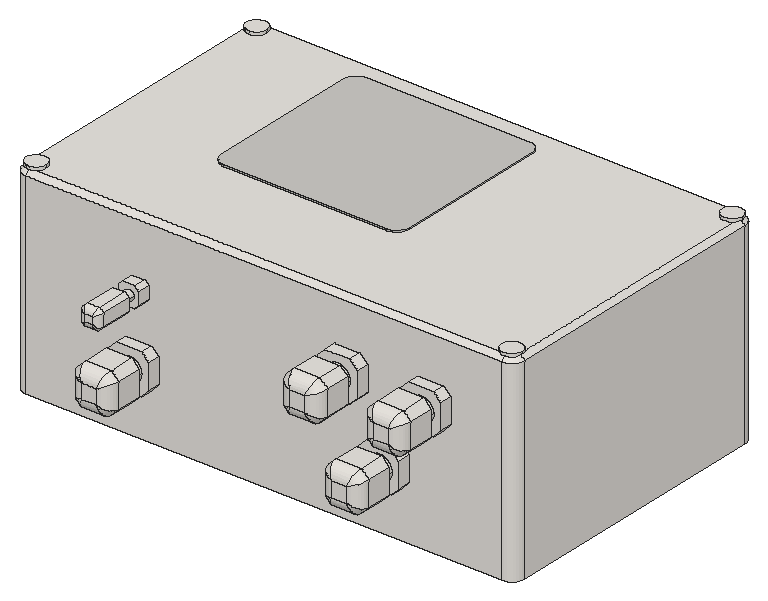
Revit family "302-BFD-LIH-DSD-PL-___ (LOD400)", category Fire Alarm Devices, host Face, Revit 2018
Family settings
  Host = Face
  Maintain Annotation Orientation = No
  Round Connector Dimension = Use Diameter
  Part Type = Normal
  OmniClass Number = 23.29.29.13.13
  OmniClass Title = Heat Detectors
  Cut with Voids When Loaded = No
  Shared = No
  Room Calculation Point = No
Parameters
  W = 80 mm
  L = 200 mm
  Default Elevation = 1219.2 mm
  DSD.Com.Material = ""
  DSD.Com.Installed Date [instance] = ""
  DSD.Com.Commission Date [instance] = ""
  DSD.Com.CAT Code = "BFD"
  DSD.Com.Asset Code [instance] = ""
  DSD.BFD.Wireless_Optical Zone Tag ID [instance] = ""
  DSD.BFD.Wireless_Optical Tag ID [instance] = ""
  DSD.BFD.Width = 0 mm
  DSD.BFD.Weight = ""
  DSD.BFD.Usage Unit = ""
  DSD.BFD.Unit Number [instance] = ""
  DSD.BFD.System Code [instance] = ""
  DSD.BFD.Supplier Name = ""
  DSD.BFD.Supplier Contact = ""
  DSD.BFD.Site ID = ""
  DSD.BFD.Serial Number [instance] = ""
  DSD.BFD.Remark [instance] = ""
  DSD.BFD.Priority = ""
  DSD.BFD.Place of Origin = ""
  DSD.BFD.Original Price Amount Currency = ""
  DSD.BFD.Original Price Amount [instance] = ""
  DSD.BFD.Model = ""
  DSD.BFD.Manufacturer Name = ""
  DSD.BFD.Manufacturer Contact = ""
  DSD.BFD.Manufactured Date [instance] = ""
  DSD.BFD.Maintenance Usage Threshold = ""
  DSD.BFD.Length = 0 mm
  DSD.BFD.Is Parent Entity = ""
  DSD.BFD.Height = 0 mm
  DSD.BFD.File Number [instance] = ""
  DSD.BFD.Expected Life Time = ""
  DSD.BFD.Equipment Type = ""
  DSD.BFD.Equipment Number [instance] = ""
  DSD.BFD.Equipment Name English = ""
  DSD.BFD.Equipment Name Chinese = ""
  DSD.BFD.Elevation Type = ""
  DSD.BFD.Elevation [instance] = ""
  DSD.BFD.District Code = ""
  DSD.BFD.DLP End Date [instance] = ""
  DSD.BFD.Criticality = ""
  DSD.BFD.Brand Name = ""
  DSD.BFD.Address = ""
  D = 120 mm
  2D Symbol_DI_Visible [instance] = yes
  2D Symbol_DI_Scale [instance] = DI_BFD_LIH : 1to50
  2D Symbol_DI_Offset Y [instance] = 0 mm
  2D Symbol_DI_Offset X [instance] = 0 mm
  2D Symbol_DI_Angle [instance] = 90.00°
  2D Symbol_Anno_Visible [instance] = yes
  2D Symbol_Anno_Offset Y [instance] = 0 mm
  2D Symbol_Anno_Offset X [instance] = 0 mm
  2D Symbol_Anno_Angle [instance] = 90.00°
Reference planes
  plane 1 "Center (Front/Back)": y = 0
  plane 2: z = 0
  plane 3 "Center (Left/Right)": x = 0
  plane 4: y = 60
  plane 5: y = -60
  plane 6: x = -100
  plane 7: x = 100
  plane 8: z = 80
  plane 9: z = 53.333
  plane 10: z = 26.667
  plane 11: z = 40
  plane 12: x = 33.333
  plane 13: x = 66.667
  plane 14: x = -50
Forms (mm)
  Extrusion 1, solid, material "PL_Grey_233-228-220", detail levels fine
    sketch origin (0, 0, 0) x (1, 0, 0) y (0, 1, 0)
      loop
        arc (-95, 60) -> (-98.536, 58.536) -> (-100, 55) r 5
        line (-100, 55) -> (-100, -55)
        arc (-100, -55) -> (-98.536, -58.536) -> (-95, -60) r 5
        line (-95, -60) -> (95, -60)
        arc (95, -60) -> (98.536, -58.536) -> (100, -55) r 5
        line (100, -55) -> (100, 55)
        arc (100, 55) -> (98.536, 58.536) -> (95, 60) r 5
        line (95, 60) -> (-95, 60)
    from 0 to 80
  Sweep 2, void
    path in 3D
      loop
        arc (100, 55, 80) -> (98.536, 58.536, 80) -> (95, 60, 80) r 5
        line (95, 60, 80) -> (-95, 60, 80)
        arc (-95, 60, 80) -> (-98.536, 58.536, 80) -> (-100, 55, 80) r 5
        line (-100, 55, 80) -> (-100, -55, 80)
        arc (-100, -55, 80) -> (-98.536, -58.536, 80) -> (-95, -60, 80) r 5
        line (-95, -60, 80) -> (95, -60, 80)
        arc (95, -60, 80) -> (98.536, -58.536, 80) -> (100, -55, 80) r 5
        line (100, -55, 80) -> (100, 55, 80)
    profile origin (100, 0, 80) x (-1, 0, 0) y (0, 0, 1)
      loop
        line (0, 0) -> (0, -2) -> (2, 0) -> (0, 0)
      loop
        line (0, -120) -> (2, -120) -> (0, -118) -> (0, -120)
  Extrusion 3, solid, material "PL_Grey_233-228-220", detail levels fine
    sketch origin (0, 0, 0) x (1, 0, 0) y (0, 1, 0)
      loop
        circle (-95, 55) r 4
      loop
        circle (95, 55) r 4
      loop
        circle (-95, -55) r 4
      loop
        circle (95, -55) r 4
    from 80 to 81
  Extrusion 4, solid, material "PL_Grey_192-190-184", detail levels fine
    sketch origin (0, 0, 0) x (1, 0, 0) y (0, 1, 0)
      loop
        arc (-48.161, 51.288) -> (-51.697, 49.823) -> (-53.161, 46.288) r 5
        line (-53.161, 46.288) -> (-53.161, -14.712)
        arc (-53.161, -14.712) -> (-51.697, -18.248) -> (-48.161, -19.712) r 5
        line (-48.161, -19.712) -> (16.839, -19.712)
        arc (16.839, -19.712) -> (20.374, -18.248) -> (21.839, -14.712) r 5
        line (21.839, -14.712) -> (21.839, 46.288)
        arc (21.839, 46.288) -> (20.374, 49.823) -> (16.839, 51.288) r 5
        line (16.839, 51.288) -> (-48.161, 51.288)
    from 80 to 80.5
  Extrusion 5, solid, material "PL_Grey_233-228-220", detail levels fine
    sketch origin (0, 15, 0) x (1, 0, 0) y (0, 0, 1)
      loop
        line (-52.5, 57.333) -> (-54, 55.833) -> (-54, 50.833) -> (-52.5, 49.333) -> (-47.5, 49.333) -> (-46, 50.833) -> (-46, 55.833) -> (-47.5, 57.333) -> (-52.5, 57.333)
      loop
        line (-55, 34.667) -> (-58, 31.667) -> (-58, 21.667) -> (-55, 18.667) -> (-45, 18.667) -> (-42, 21.667) -> (-42, 31.667) -> (-45, 34.667) -> (-55, 34.667)
      loop
        line (44.983, 34.667) -> (41.983, 31.667) -> (41.983, 21.667) -> (44.983, 18.667) -> (54.983, 18.667) -> (57.983, 21.667) -> (57.983, 31.667) -> (54.983, 34.667) -> (44.983, 34.667)
      loop
        line (28.333, 61.333) -> (25.333, 58.333) -> (25.333, 48.333) -> (28.333, 45.333) -> (38.333, 45.333) -> (41.333, 48.333) -> (41.333, 58.333) -> (38.333, 61.333) -> (28.333, 61.333)
      loop
        line (61.667, 61.333) -> (58.667, 58.333) -> (58.667, 48.333) -> (61.667, 45.333) -> (71.667, 45.333) -> (74.667, 48.333) -> (74.667, 58.333) -> (71.667, 61.333) -> (61.667, 61.333)
    from 75 to 80
  Extrusion 6, solid, material "PL_Grey_233-228-220", detail levels fine
    sketch origin (0, -65, 0) x (1, 0, 0) y (0, 0, 1)
      loop
        circle (-50, 53.333) r 2
      loop
        circle (-50, 26.667) r 5
      loop
        circle (49.983, 26.667) r 5
      loop
        circle (33.333, 53.333) r 5
      loop
        circle (66.667, 53.333) r 5
    from 0 to 5
  Extrusion 7, solid, material "PL_Grey_233-228-220", detail levels fine
    sketch origin (0, 5, 0) x (1, 0, 0) y (0, 0, 1)
      loop
        line (-52.5, 57.333) -> (-54, 55.833) -> (-54, 50.833) -> (-52.5, 49.333) -> (-47.5, 49.333) -> (-46, 50.833) -> (-46, 55.833) -> (-47.5, 57.333) -> (-52.5, 57.333)
      loop
        line (-55, 34.667) -> (-58, 31.667) -> (-58, 21.667) -> (-55, 18.667) -> (-45, 18.667) -> (-42, 21.667) -> (-42, 31.667) -> (-45, 34.667) -> (-55, 34.667)
      loop
        line (44.983, 34.667) -> (41.983, 31.667) -> (41.983, 21.667) -> (44.983, 18.667) -> (54.983, 18.667) -> (57.983, 21.667) -> (57.983, 31.667) -> (54.983, 34.667) -> (44.983, 34.667)
      loop
        line (28.333, 61.333) -> (25.333, 58.333) -> (25.333, 48.333) -> (28.333, 45.333) -> (38.333, 45.333) -> (41.333, 48.333) -> (41.333, 58.333) -> (38.333, 61.333) -> (28.333, 61.333)
      loop
        line (61.667, 61.333) -> (58.667, 58.333) -> (58.667, 48.333) -> (61.667, 45.333) -> (71.667, 45.333) -> (74.667, 48.333) -> (74.667, 58.333) -> (71.667, 61.333) -> (61.667, 61.333)
    from 75 to 90
  Sweep 8, void
    path in 3D
      loop
        line (-52.5, -85, 57.333) -> (-54, -85, 55.833) -> (-54, -85, 50.833) -> (-52.5, -85, 49.333) -> (-47.5, -85, 49.333) -> (-46, -85, 50.833) -> (-46, -85, 55.833) -> (-47.5, -85, 57.333) -> (-52.5, -85, 57.333)
    profile origin (-50, -85, 57.333) x (0, -1, 0) y (0, 0, 1)
      loop
        line (0, 0) -> (-2.5, 0)
        arc (-2.5, 0) -> (-0.732, -0.732) -> (0, -2.5) r 2.5
        line (0, -2.5) -> (0, 0)
  Sweep 9, void
    path in 3D
      loop
        line (-55, -85, 34.667) -> (-58, -85, 31.667) -> (-58, -85, 21.667) -> (-55, -85, 18.667) -> (-45, -85, 18.667) -> (-42, -85, 21.667) -> (-42, -85, 31.667) -> (-45, -85, 34.667) -> (-55, -85, 34.667)
    profile origin (-50, -85, 34.667) x (0, -1, 0) y (0, 0, 1)
      loop
        line (0, 0) -> (-5, 0)
        arc (-5, 0) -> (-1.464, -1.464) -> (0, -5) r 5
        line (0, -5) -> (0, 0)
  Sweep 10, void
    path in 3D
      loop
        line (44.983, -85, 34.667) -> (41.983, -85, 31.667) -> (41.983, -85, 21.667) -> (44.983, -85, 18.667) -> (54.983, -85, 18.667) -> (57.983, -85, 21.667) -> (57.983, -85, 31.667) -> (54.983, -85, 34.667) -> (44.983, -85, 34.667)
    profile origin (49.983, -85, 34.667) x (0, -1, 0) y (0, 0, 1)
      loop
        line (0, 0) -> (-5, 0)
        arc (-5, 0) -> (-1.464, -1.464) -> (0, -5) r 5
        line (0, -5) -> (0, 0)
  Sweep 11, void
    path in 3D
      loop
        line (28.333, -85, 61.333) -> (25.333, -85, 58.333) -> (25.333, -85, 48.333) -> (28.333, -85, 45.333) -> (38.333, -85, 45.333) -> (41.333, -85, 48.333) -> (41.333, -85, 58.333) -> (38.333, -85, 61.333) -> (28.333, -85, 61.333)
    profile origin (33.333, -85, 61.333) x (0, -1, 0) y (0, 0, 1)
      loop
        line (0, 0) -> (-5, 0)
        arc (-5, 0) -> (-1.464, -1.464) -> (0, -5) r 5
        line (0, -5) -> (0, 0)
  Sweep 12, void
    path in 3D
      loop
        line (61.667, -85, 61.333) -> (58.667, -85, 58.333) -> (58.667, -85, 48.333) -> (61.667, -85, 45.333) -> (71.667, -85, 45.333) -> (74.667, -85, 48.333) -> (74.667, -85, 58.333) -> (71.667, -85, 61.333) -> (61.667, -85, 61.333)
    profile origin (66.667, -85, 61.333) x (0, -1, 0) y (0, 0, 1)
      loop
        line (0, 0) -> (-5, 0)
        arc (-5, 0) -> (-1.464, -1.464) -> (0, -5) r 5
        line (0, -5) -> (0, 0)
Cuts and joins
  Sweep 2 cuts Extrusion 1
  Sweep 8, Sweep 9, Sweep 10, Sweep 11, Sweep 12 cuts Extrusion 7
Lines and regions (mm)
  sketch lines
    curve 1: line (100, -55, 80) -> (100, 55, 80)
    curve 2: arc (100, -55, 80) -> (98.536, -58.536, 80) -> (95, -60, 80) r 5
    curve 3: line (-95, -60, 80) -> (95, -60, 80)
    curve 4: arc (-95, -60, 80) -> (-98.536, -58.536, 80) -> (-100, -55, 80) r 5
    curve 5: line (-100, 55, 80) -> (-100, -55, 80)
    curve 6: arc (-100, 55, 80) -> (-98.536, 58.536, 80) -> (-95, 60, 80) r 5
    curve 7: line (95, 60, 80) -> (-95, 60, 80)
    curve 8: arc (95, 60, 80) -> (98.536, 58.536, 80) -> (100, 55, 80) r 5
    curve 9: line (-47.5, -85, 57.333) -> (-52.5, -85, 57.333)
    curve 10: line (-46, -85, 55.833) -> (-47.5, -85, 57.333)
    curve 11: line (-46, -85, 50.833) -> (-46, -85, 55.833)
    curve 12: line (-47.5, -85, 49.333) -> (-46, -85, 50.833)
    curve 13: line (-52.5, -85, 49.333) -> (-47.5, -85, 49.333)
    curve 14: line (-54, -85, 50.833) -> (-52.5, -85, 49.333)
    curve 15: line (-54, -85, 55.833) -> (-54, -85, 50.833)
    curve 16: line (-52.5, -85, 57.333) -> (-54, -85, 55.833)
    curve 17: line (-45, -85, 34.667) -> (-55, -85, 34.667)
    curve 18: line (-42, -85, 31.667) -> (-45, -85, 34.667)
    curve 19: line (-55, -85, 34.667) -> (-58, -85, 31.667)
    curve 20: line (-58, -85, 31.667) -> (-58, -85, 21.667)
    curve 21: line (-58, -85, 21.667) -> (-55, -85, 18.667)
    curve 22: line (-55, -85, 18.667) -> (-45, -85, 18.667)
    curve 23: line (-45, -85, 18.667) -> (-42, -85, 21.667)
    curve 24: line (-42, -85, 21.667) -> (-42, -85, 31.667)
    curve 25: line (54.983, -85, 34.667) -> (44.983, -85, 34.667)
    curve 26: line (57.983, -85, 31.667) -> (54.983, -85, 34.667)
    curve 27: line (44.983, -85, 34.667) -> (41.983, -85, 31.667)
    curve 28: line (41.983, -85, 31.667) -> (41.983, -85, 21.667)
    curve 29: line (41.983, -85, 21.667) -> (44.983, -85, 18.667)
    curve 30: line (44.983, -85, 18.667) -> (54.983, -85, 18.667)
    curve 31: line (54.983, -85, 18.667) -> (57.983, -85, 21.667)
    curve 32: line (57.983, -85, 21.667) -> (57.983, -85, 31.667)
    curve 33: line (38.333, -85, 61.333) -> (28.333, -85, 61.333)
    curve 34: line (41.333, -85, 58.333) -> (38.333, -85, 61.333)
    curve 35: line (28.333, -85, 61.333) -> (25.333, -85, 58.333)
    curve 36: line (25.333, -85, 58.333) -> (25.333, -85, 48.333)
    curve 37: line (25.333, -85, 48.333) -> (28.333, -85, 45.333)
    curve 38: line (28.333, -85, 45.333) -> (38.333, -85, 45.333)
    curve 39: line (38.333, -85, 45.333) -> (41.333, -85, 48.333)
    curve 40: line (41.333, -85, 48.333) -> (41.333, -85, 58.333)
    curve 41: line (71.667, -85, 61.333) -> (61.667, -85, 61.333)
    curve 42: line (74.667, -85, 58.333) -> (71.667, -85, 61.333)
    curve 43: line (61.667, -85, 61.333) -> (58.667, -85, 58.333)
    curve 44: line (58.667, -85, 58.333) -> (58.667, -85, 48.333)
    curve 45: line (58.667, -85, 48.333) -> (61.667, -85, 45.333)
    curve 46: line (61.667, -85, 45.333) -> (71.667, -85, 45.333)
    curve 47: line (71.667, -85, 45.333) -> (74.667, -85, 48.333)
    curve 48: line (74.667, -85, 48.333) -> (74.667, -85, 58.333)
Dimensions and locks
  equal spacing: plane 6, plane 3 "Center (Left/Right)", plane 7
  equal spacing: plane 4, plane 1 "Center (Front/Back)", plane 5
  "L": plane 6 to plane 7
  "D": plane 4 to plane 5
  "W": plane 8 to plane 2
  equal spacing: plane 8, plane 9, plane 10, level
  equal spacing: plane 9, plane 11, plane 10
  equal spacing: plane 7, plane 13, plane 12, plane 3 "Center (Left/Right)"
  equal spacing: plane 3 "Center (Left/Right)", plane 14, plane 6
  "2D Symbol_Anno_Angle": angle plane 1 "Center (Front/Back)" to nested 1
  "2D Symbol_DI_Angle": angle plane 2 to nested 2
  aligned and locked: plane 2 to host face
  aligned and locked: level to host face
  aligned and locked: plane 8 to Extrusion 1
Automatic sketch dimensions
  host sketch curve to host sketch curve = 2438.4 mm  (x2)
  Extrusion 1 sketch curve to plane 6 = 0 mm
  Extrusion 1 sketch curve to plane 5 = 0 mm
  Extrusion 1 sketch curve to plane 4 = 0 mm
  Extrusion 1 sketch curve to plane 7 = 0 mm
  plane 6 to Extrusion 1 sketch curve = 5 mm
  Extrusion 1 sketch curve to plane 4 = 5 mm
  plane 7 to Extrusion 1 sketch curve = 5 mm  (x2)
  plane 6 to Extrusion 3 sketch curve = 5 mm  (x2)
  plane 7 to Extrusion 3 sketch curve = 5 mm  (x2)
  plane 5 to Extrusion 3 sketch curve = 5 mm  (x2)
  Extrusion 3 sketch curve to plane 4 = 5 mm  (x2)
  Extrusion 5 sketch curve to plane 14 = 8 mm
  Extrusion 5 sketch curve to Extrusion 5 sketch curve = 3 mm  (x24)
  Extrusion 5 sketch curve to plane 14 = 4 mm
  Extrusion 5 sketch curve to Extrusion 5 sketch curve = 1.5 mm  (x6)
  plane 14 to Extrusion 5 sketch curve = 2.5 mm  (x2)
  plane 14 to Extrusion 5 sketch curve = 5 mm  (x2)
  Extrusion 5 sketch curve to plane 12 = 8 mm
  plane 12 to Extrusion 5 sketch curve = 5 mm  (x2)
  plane 12 to Extrusion 5 sketch curve = 8.65 mm
  Extrusion 5 sketch curve to Extrusion 5 sketch curve = 10 mm  (x2)
  Extrusion 5 sketch curve to plane 13 = 8 mm
  plane 13 to Extrusion 5 sketch curve = 5 mm  (x2)
  Extrusion 5 sketch curve to plane 10 = 8 mm  (x2)
  plane 10 to Extrusion 5 sketch curve = 5 mm  (x4)
  Extrusion 5 sketch curve to plane 9 = 8 mm  (x2)
  Extrusion 5 sketch curve to plane 9 = 4 mm
  plane 9 to Extrusion 5 sketch curve = 2.5 mm  (x2)
  plane 9 to Extrusion 5 sketch curve = 5 mm  (x4)
  Extrusion 6 sketch curve to Extrusion 5 = 4 mm  (x5)
  Extrusion 6 sketch curve to Extrusion 5 = 8 mm  (x5)
  Extrusion 7 sketch curve to plane 14 = 8 mm
  Extrusion 7 sketch curve to Extrusion 7 sketch curve = 3 mm  (x24)
  Extrusion 7 sketch curve to plane 14 = 4 mm
  Extrusion 7 sketch curve to Extrusion 7 sketch curve = 1.5 mm  (x6)
  plane 14 to Extrusion 7 sketch curve = 2.5 mm  (x2)
  plane 14 to Extrusion 7 sketch curve = 5 mm  (x2)
  Extrusion 7 sketch curve to plane 12 = 8 mm
  plane 12 to Extrusion 7 sketch curve = 5 mm  (x2)
  plane 12 to Extrusion 7 sketch curve = 8.65 mm
  Extrusion 7 sketch curve to Extrusion 7 sketch curve = 10 mm  (x2)
  Extrusion 7 sketch curve to plane 13 = 8 mm
  plane 13 to Extrusion 7 sketch curve = 5 mm  (x2)
  Extrusion 7 sketch curve to plane 10 = 8 mm  (x2)
  plane 10 to Extrusion 7 sketch curve = 5 mm  (x4)
  Extrusion 7 sketch curve to plane 9 = 8 mm  (x2)
  Extrusion 7 sketch curve to plane 9 = 4 mm
  plane 9 to Extrusion 7 sketch curve = 2.5 mm  (x2)
  plane 9 to Extrusion 7 sketch curve = 5 mm  (x4)
  Sweep 8 sketch curve to profile plane = 0 mm  (x2)
  Sweep 8 sketch curve to Sweep 8 sketch curve = 2.5 mm
  Sweep 10 sketch curve to profile plane = 0 mm  (x2)
  Sweep 10 sketch curve to Sweep 10 sketch curve = 5 mm
  Sweep 11 sketch curve to profile plane = 0 mm  (x2)
  Sweep 11 sketch curve to Sweep 11 sketch curve = 5 mm
  Sweep 9 sketch curve to profile plane = 0 mm  (x2)
  Sweep 9 sketch curve to Sweep 9 sketch curve = 5 mm
  Sweep 12 sketch curve to profile plane = 0 mm  (x2)
  Sweep 12 sketch curve to Sweep 12 sketch curve = 5 mm
  Sweep 2 sketch curve to profile plane = 0 mm  (x3)
  Sweep 2 sketch curve to profile plane = 2 mm  (x3)
  Sweep 2 sketch curve to Sweep 2 sketch curve = 116 mm
  Sweep 2 sketch curve to Sweep 2 sketch curve = 2 mm
  Extrusion 4 sketch curve to plane 14 = 3.161 mm
  plane 14 to Extrusion 4 sketch curve = 1.839 mm  (x2)
  Extrusion 4 sketch curve to plane 12 = 16.495 mm  (x2)
  Extrusion 4 sketch curve to plane 12 = 11.495 mm
  plane 1 "Center (Front/Back)" to Extrusion 4 sketch curve = 19.712 mm
  Extrusion 4 sketch curve to plane 1 "Center (Front/Back)" = 46.288 mm
  radius of Extrusion 3 sketch curve = 4 mm  (x4)
  radius of Extrusion 6 sketch curve = 2 mm
  radius of Extrusion 6 sketch curve = 5 mm  (x4)
Nested families
  nested 1: "Anno_BFD_LIH" at (0, 0, 0), visible <- "2D Symbol_Anno_Visible", User X <- "2D Symbol_Anno_Offset X", User Y <- "2D Symbol_Anno_Offset Y", type "Anno_BFD_LIH", detail levels coarse+medium
    with User Y 0 mm, User X 0 mm, Annotation W 200 mm, Annotation H 200 mm
  nested 2: "DI_BFD_LIH" at (0, 0, 0) x (-1, 0, 0) z (0, -1, 0), User X <- "2D Symbol_DI_Offset X", User Y <- "2D Symbol_DI_Offset Y", visible <- "2D Symbol_DI_Visible", type <- "2D Symbol_DI_Scale", type "1to50", detail levels coarse+medium
    with User Y 0 mm, User X 0 mm, Detail Item W 10000 mm, Detail Item H 10000 mm, 2W 20000 mm, 2H 20000 mm
Connectors
  electrical at (0, 0, 0)
    settings: on cut or joined group of Extrusion 1, Sweep 2, index 1, voltage 380 V, apparent load 0 VA, apparent load phase1 0 VA, apparent load phase2 0 VA, apparent load phase3 0 VA, power factor 1, load classification "Other", number of poles 3, system type 11, power factor state 1, is connector primary yes, connector utility no, sub classification motor no, connector description ""
Definition of nested family "Anno_BFD_LIH"
  Parameters (values of type "Anno_BFD_LIH")
    User Y [instance] = 0 mm
    User X [instance] = 0 mm
    Annotation W [instance] = 200 mm + User X  # 200 mm
    Annotation H [instance] = 200 mm + User Y  # 200 mm
  Reference planes
    plane 1: y = 0
    plane 2: x = 0
  Lines and regions (mm)
    reference lines
      curve 1: line (-200, -141.949, 0) -> (-200, 53.051, 0)
      curve 2: line (-184.39, -200, 0) -> (165.61, -200, 0)
  Dimensions and locks
    "Annotation H": curve 2 to nested 1
    "Annotation W": curve 1 to nested 1
  Automatic sketch dimensions
    curve 1 to plane 1 = 53.051 mm
    curve 1 to plane 2 = 200 mm
    curve 1 to curve 2 = 15.61 mm
    plane 2 to curve 2 = 165.61 mm
    plane 1 to curve 1 = 141.949 mm
    curve 2 to curve 1 = 58.051 mm
  Nested families
    nested 1: "Anno__" at (0, 0, 0), type "Anno_BPA"
  Definition of nested family "Anno__"
    Reference planes
      plane 1: y = 0
      plane 2: x = 0
    Lines and regions (mm)
      detail lines
        curve 1: circle (0, 0, 0) r 2.815 normal (0, 0, 1)
    Text (mm)
      text "LH" at (0.203, 1.849, 0)
Definition of nested family "DI_BFD_LIH"
  Parameters (values of type "1to100")
    User Y [instance] = 0 mm
    User X [instance] = 0 mm
    Detail Item W [instance] = 10000 mm + User X  # 10000 mm
    Detail Item H [instance] = 10000 mm + User Y  # 10000 mm
    2W [instance] = Detail Item W * 2  # 20000 mm
    2H [instance] = Detail Item H * 2  # 20000 mm
    2D Symbol_DI_Scale = DI__ : 1to100
  Types (3, lengths in mm): name | 2D Symbol_DI_Scale
    1to50 | DI__ : 1to50
    1to100 | DI__ : 1to100
    1to200 | DI__ : 1to200
  Reference planes
    plane 1 "Center (Front/Back)": y = 0
    plane 2: z = 0
    plane 3 "Center (Left/Right)": x = 0
    plane 4: x = -10000
    plane 5: y = -10000
    plane 6: x = 10000
    plane 7: y = 10000
  Dimensions and locks
    "Detail Item W": plane 4 to nested 1
    "Detail Item H": nested 1 to plane 5
    "2W": plane 4 to plane 6
    "2H": plane 7 to plane 5
  Nested families
    nested 1: "DI__" at (0, 0, 0), type <- "2D Symbol_DI_Scale", type "1to100", in view "Ref. Level"
  Definition of nested family "DI__"
    Parameters (values of type "1to100")
      1to50 = no
      1to200 = no
      1to100 = yes
    Types (3, lengths in mm): name | 1to50 | 1to200 | 1to100
      1to50 | yes | no | no
      1to200 | no | yes | no
      1to100 | no | no | yes
    Reference planes
      plane 1 "Center (Front/Back)": y = 0
      plane 2: z = 0
      plane 3 "Center (Left/Right)": x = 0
    Lines and regions (mm)
      Filled region 1, type "Solid Fill - Black", in view "Ref. Level", visible <- "1to50"
        outline origin (89.4, 137.536, 0) x (1, 0, 0) y (0, 1, 0)
          loop
            line (-66.1, 53.158) -> (-79.4, 53.158) -> (-79.4, -46.842) -> (-66.134, -46.842) -> (-66.134, 1.303) -> (-14.616, 1.303) -> (-14.616, -46.842) -> (-1.35, -46.842) -> (-1.35, 53.158) -> (-14.65, 53.158) -> (-14.65, 14.603) -> (-66.1, 14.603) -> (-66.1, 53.158)
      Filled region 2, type "Solid Fill - Black", in view "Ref. Level", visible <- "1to100"
        outline origin (178.8, 275.073, 0) x (1, 0, 0) y (0, 1, 0)
          loop
            line (-132.2, 106.316) -> (-158.8, 106.316) -> (-158.8, -93.684) -> (-132.267, -93.684) -> (-132.267, 2.606) -> (-29.232, 2.606) -> (-29.232, -93.684) -> (-2.699, -93.684) -> (-2.699, 106.316) -> (-29.299, 106.316) -> (-29.299, 29.206) -> (-132.2, 29.206) -> (-132.2, 106.316)
      Filled region 3, type "Solid Fill - Black", in view "Ref. Level", visible <- "1to200"
        outline origin (342.6, 550.145, 0) x (1, 0, 0) y (0, 1, 0)
          loop
            line (-317.6, 212.632) -> (-317.6, -187.368) -> (-264.534, -187.368) -> (-264.534, 5.211) -> (-58.464, 5.211) -> (-58.464, -187.368) -> (-5.398, -187.368) -> (-5.398, 212.632) -> (-58.598, 212.632) -> (-58.598, 58.411) -> (-264.4, 58.411) -> (-264.4, 212.632) -> (-317.6, 212.632)
      Filled region 4, type "Solid Fill - Black", in view "Ref. Level", visible <- "1to50"
        outline origin (-100.625, 137.991, 0) x (1, 0, 0) y (0, 1, 0)
          loop
            line (28.477, -47.296) -> (90.625, -47.296) -> (90.625, -35.753) -> (41.625, -35.753) -> (41.625, 52.791) -> (28.477, 52.791) -> (28.477, -47.296)
      Filled region 5, type "Solid Fill - Black", in view "Ref. Level", visible <- "1to100"
        outline origin (-201.249, 275.981, 0) x (1, 0, 0) y (0, 1, 0)
          loop
            line (56.953, -94.592) -> (181.249, -94.592) -> (181.249, -71.506) -> (83.25, -71.506) -> (83.25, 105.582) -> (56.953, 105.582) -> (56.953, -94.592)
      Filled region 6, type "Solid Fill - Black", in view "Ref. Level", visible <- "1to200"
        outline origin (-382.498, 551.963, 0) x (1, 0, 0) y (0, 1, 0)
          loop
            line (113.907, -189.185) -> (362.498, -189.185) -> (362.498, -143.013) -> (166.5, -143.013) -> (166.5, 211.163) -> (113.907, 211.163) -> (113.907, -189.185)
      detail lines, in view "Ref. Level", visible <- "1to200"
        curve 1: circle (0, 562.952, 0) r 562.952 normal (0, 0, 1)
      detail lines, in view "Ref. Level", visible <- "1to100"
        curve 2: circle (0, 281.476, 0) r 281.476 normal (0, 0, 1)
      detail lines, in view "Ref. Level", visible <- "1to50"
        curve 3: circle (0, 140.738, 0) r 140.738 normal (0, 0, 1)
